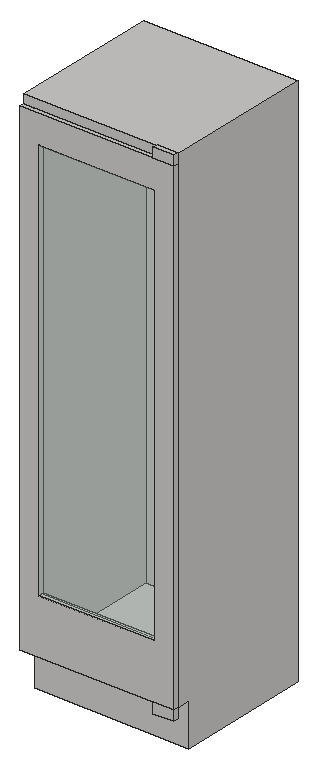
Revit family "RW414762", category Generic Models, Revit 2014
Parameters (values of type "RW466762")
  Width = 603 mm
  URL = "http://www.gaggenau.com."
  Model = "RW466762"
  Manufacturer = "Gaggenau"
  Height = 2125 mm
  Handle = Metal Panel
  Glass Door = Glass, Green
  Fridge = Metal Panel
  Door = Metal Panel
  Description = "Gaggenau 24\" Wine storage unit"
  Depth = 608 mm
Types (2, lengths in mm): name | Width | Model | Description
  RW414762 | 451 | "RW414762" | "Gaggenau 18\" Wine storage unit"
  RW466762 | 603 | "RW466762" | "Gaggenau 24\" Wine storage unit"
Reference planes
  plane 1 "Center (Front/Back)": y = 0
  plane 2: z = 0
  plane 3 "Center (Left/Right)": x = 0
  plane 4: z = 2125
  plane 5: x = -301.5
  plane 6: x = 301.5
  plane 7: y = 266.012
  plane 8: y = -341.988
  plane 9: z = 181
  plane 10: z = 102
  plane 11: z = 14.093
  plane 12: z = 2131
  plane 13: z = 2091
  plane 14: y = -268.988
  plane 15: y = -321.988
  plane 16: x = 241.294
  plane 17: z = 1982
  plane 18: z = 398
  plane 19: x = -226.5
  plane 20: x = 226.5
Forms (mm)
  Extrusion 1, solid, material "Metal Panel" <- "Fridge"
    sketch origin (0, 0, 0) x (0, 1, 0) y (0, 0, 1)
      loop
        line (266.012, 2125) -> (-321.988, 2125) -> (-321.988, 181) -> (-268.988, 181) -> (-268.988, 14.093) -> (266.012, 14.093) -> (266.012, 2125)
    from -301.5 to 301.5
  Extrusion 2, solid, material "Metal Panel" <- "Door"
    sketch origin (0, 0, 0) x (1, 0, 0) y (0, 0, 1)
      loop
        line (-301.5, 181) -> (301.5, 181) -> (301.5, 2091) -> (-301.5, 2091) -> (-301.5, 181)
      loop
        line (-226.5, 1982) -> (-226.5, 398) -> (226.5, 398) -> (226.5, 1982) -> (-226.5, 1982)
    from 321.988 to 341.988
  Extrusion 3, solid, material "Metal Panel" <- "Door"
    sketch origin (0, 0, -0.35) x (1, 0, 0) y (0, 0, 1)
      loop
        line (301.5, 2131.35) -> (221.5, 2131.35) -> (221.5, 2091.35) -> (301.5, 2091.35) -> (301.5, 2131.35)
      loop
        line (301.5, 181.35) -> (221.5, 181.35) -> (221.5, 141.35) -> (301.5, 141.35) -> (301.5, 181.35)
    from 321.988 to 341.988
  Extrusion 4, solid, material "Metal Panel" <- "Fridge"
    sketch origin (0, 0, 0) x (1, 0, 0) y (0, 1, 0)
      loop
        circle (-269.903, -159.898) r 11.868
      loop
        circle (-269.903, 159.898) r 11.868
      loop
        circle (269.903, -159.898) r 11.868
      loop
        circle (269.903, 159.898) r 11.868
    from 0 to 14.093
  Extrusion 5, void
    sketch origin (0, 0, 0) x (1, 0, 0) y (0, 0, 1)
      loop
        line (-261.5, 2091) -> (-261.5, 181) -> (261.5, 181) -> (261.5, 2091) -> (-261.5, 2091)
    from -223.899 to 321.988
  Extrusion 6, solid, material "Glass, Green" <- "Glass Door"
    sketch origin (0, -341.988, 0) x (1, 0, 0) y (0, 0, 1)
      loop
        line (226.5, 1982) -> (-226.5, 1982) -> (-226.5, 398) -> (226.5, 398) -> (226.5, 1982)
    from 0 to -9.796
Cuts and joins
  Extrusion 5 cuts Extrusion 1
Dimensions and locks
  "Width": plane 5 to plane 6
  plane 7 to plane 8 = 608 mm  (x2)
  plane 4 to plane 2 = 2125 mm
  plane 9 to plane 2 = 181 mm
  plane 10 to plane 2 = 102 mm
  plane 12 to plane 13 = 40 mm
  plane 14 to plane 8 = 73 mm
  plane 6 to plane 16 = 60.206 mm
  equal spacing: plane 5, plane 3 "Center (Left/Right)", plane 6
  plane 12 to plane 10 = 2029 mm
  plane 12 to plane 17 = 149 mm
  plane 18 to Extrusion 3 = 257 mm
  locked: plane 19 to plane 5 at 75
  locked: plane 20 to plane 6 at 75
  aligned and locked: level to plane 2
  aligned and locked: plane 5 to Extrusion 1
  aligned and locked: plane 6 to Extrusion 1
  aligned and locked: Extrusion 2 to plane 8
  aligned and locked: Extrusion 2 to Extrusion 1
  aligned and locked: Extrusion 3 to plane 8
  aligned and locked: Extrusion 3 to Extrusion 1
  aligned and locked: plane 13 to Extrusion 2 sketch curve
  aligned and locked: plane 6 to Extrusion 2 sketch curve
  aligned and locked: plane 5 to Extrusion 2 sketch curve
  aligned and locked: Extrusion 5 to Extrusion 1
  aligned and locked: Extrusion 6 sketch curve to plane 19
  aligned and locked: plane 20 to Extrusion 6 sketch curve
  aligned and locked: Extrusion 2 sketch curve to plane 19
  aligned and locked: plane 20 to Extrusion 2 sketch curve
Automatic sketch dimensions
  Extrusion 1 sketch curve to plane 4 = 0 mm
  Extrusion 1 sketch curve to plane 15 = 0 mm
  Extrusion 1 sketch curve to plane 9 = 0 mm
  Extrusion 1 sketch curve to plane 14 = 0 mm
  Extrusion 1 sketch curve to plane 7 = 0 mm
  Extrusion 1 sketch curve to plane 11 = 0 mm
  Extrusion 4 sketch curve to plane 5 = 31.597 mm  (x2)
  plane 16 to Extrusion 4 sketch curve = 28.608 mm  (x2)
  Extrusion 4 sketch curve to plane 14 = 109.089 mm  (x2)
  Extrusion 4 sketch curve to plane 7 = 106.114 mm  (x2)
  Extrusion 3 sketch curve to plane 16 = 19.794 mm  (x2)
  Extrusion 3 sketch curve to plane 12 = 0 mm
  Extrusion 3 sketch curve to plane 6 = 0 mm  (x2)
  Extrusion 3 sketch curve to plane 9 = 0 mm
  Extrusion 3 sketch curve to plane 13 = 0 mm
  Extrusion 3 sketch curve to plane 9 = 40 mm
  Extrusion 2 sketch curve to plane 17 = 0 mm
  Extrusion 2 sketch curve to plane 9 = 0 mm
  Extrusion 2 sketch curve to plane 18 = 0 mm
  Extrusion 5 sketch curve to plane 9 = 0 mm
  Extrusion 5 sketch curve to plane 13 = 0 mm
  Extrusion 5 sketch curve to plane 19 = 35 mm
  plane 16 to Extrusion 5 sketch curve = 20.206 mm
  Extrusion 6 sketch curve to Extrusion 2 = 0 mm  (x2)
  radius of Extrusion 4 sketch curve = 11.868 mm  (x4)
